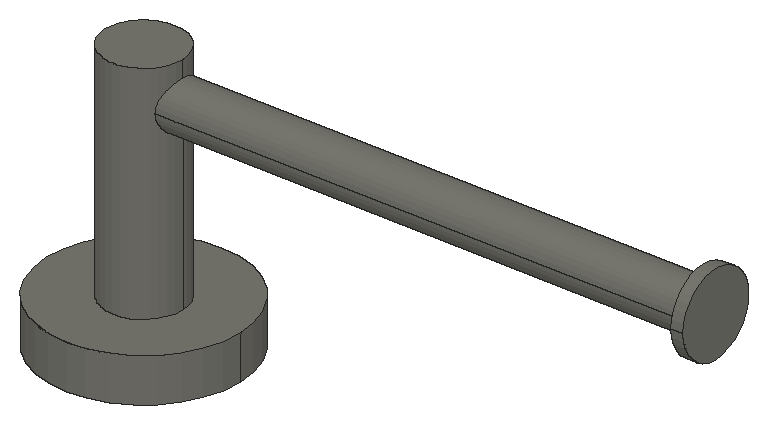
Revit family "ALMA-Farina_Toilet_Roll_Holder", category Specialty Equipment, host Face, Revit 2026
Family settings
  Host = Face
  Round Connector Dimension = Use Diameter
  Part Type = Normal
  Enable Cutting in Views = Yes
  Cut with Voids When Loaded = No
  Maintain Annotation Orientation = No
  Shared = No
  Room Calculation Point = No
Parameters (values of type "BRUSHED GUNMETAL")
  Material = BM_GUNMETAL
  Default Elevation = 1219.2 mm
Types (6, lengths in mm): name | Material
  (no name) | BM_GUNMETAL
  MATTE BLACK | BM_MATTE BLACK
  BRUSHED GUNMETAL | BM_GUNMETAL
  BRUSHED BRASS GOLD | BM_BRASS GOLD
  BRUSHED NICKEL | BM_NICKEL
  BRUSHED ANTIQUE BRASS | BM_ANTIQUE BRASS
Reference planes
  plane 1 "Center (Front/Back)": y = 0
  plane 2: z = 0
  plane 3 "Center (Left/Right)": x = 0
Forms (mm)
  Extrusion 1, solid, material "BM_GUNMETAL" <- "Material"
    sketch origin (0, 0, 0) x (1, 0, 0) y (0, 1, 0)
      loop
        circle (0, 0) r 23.75
    from 0 to 10.8
  Extrusion 2, solid, material "BM_GUNMETAL" <- "Material"
    sketch origin (0, 0, 10.8) x (1, 0, 0) y (0, 1, 0)
      loop
        circle (0, 0) r 9.5
    from 0 to 55.2
  Revolve 3, solid, material "BM_GUNMETAL" <- "Material"
    sketch origin (0, 0, 55.982) x (1, 0, 0) y (0, 1, 0)
      loop
        line (6.168, 0) -> (6.168, -6) -> (137.5, -6) -> (137.5, 0) -> (6.168, 0)
      axis (6.168, 0) -> (137.5, 0)
    angle from 0 to 360
  Extrusion 4, solid, material "BM_GUNMETAL" <- "Material"
    sketch origin (137.5, 0, 55.982) x (0, -1, 0) y (0, 0, -1)
      loop
        circle (0, 0.002) r 10
    from 0 to 3
Cuts and joins
  joined: Extrusion 2, Revolve 3
Text (mm)
  text "Refer to www.buildmat.com.au for the most current product literature. \nAllow a +/- 5mm tolerance for dimensions shown in the product literature. \nPlease note product details are subject to change due to ongoing product development." at (-1.255, -1277.764, 0), in view "Ref. Level"
Dimensions and locks
  aligned and locked: plane 2 to host face
  aligned and locked: level to host face
